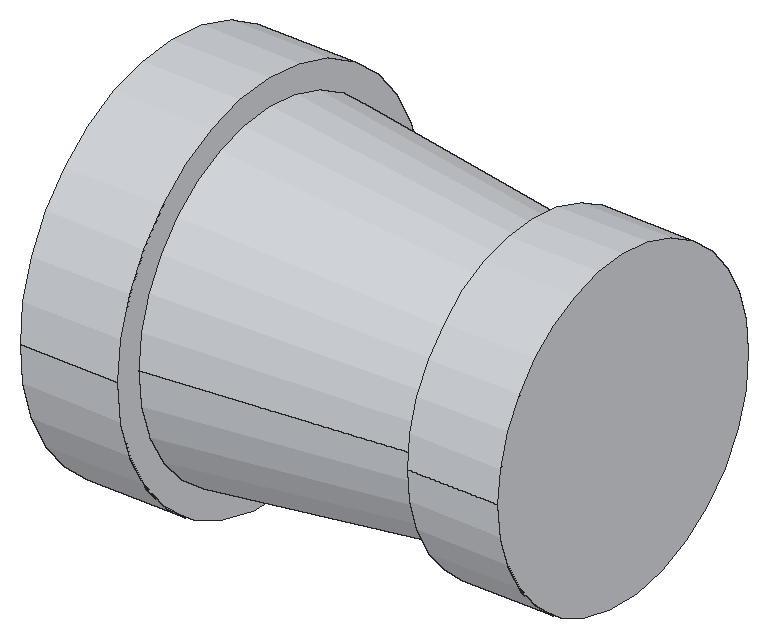
Revit family "a8082294d1e74e68ae7f3b23f0c17cb9", category Pipe Fittings, Revit 2021
Family settings
  Round Connector Dimension = Use Radius
  Part Type = Transition
  OmniClass Number = 23.60.30.11.14
  OmniClass Title = Pipework Fittings
  Seek Item ID = Coupling Concentric Reducing - Threaded - MI - Class 150-0000-USA-ENU
  Work Plane-Based = No
  Always vertical = Yes
  Cut with Voids When Loaded = No
  Shared = No
Parameters (values of type "Standard")
  Visibility 3 [instance] = Nominal Radius 1 = Nominal Radius 2  # no
  Visibility 2 [instance] = Nominal Radius 1 < Nominal Radius 2  # no
  Visibility 1 [instance] = Nominal Radius 1 > Nominal Radius 2  # yes
  Tick Size 2 [instance] = Fitting Outside Diameter 2 * 0.4  # 0.23433"
  Tick Size 1 [instance] = Fitting Outside Diameter 1 * 0.4  # 0.29165"
  Nominal Radius 2 [instance] = 1/16"
  Nominal Diameter 2 [instance] = Nominal Radius 2 * 2  # 1/8"
  Metal Thickness 2 [instance] = size_lookup(Lookup Table Name, "MThk", 0.05 * Nominal Diameter 2 + 21/256", Nominal Diameter 2)  # 0.09016"
  Max Nominal Diameter 12 [instance] = if(Nominal Radius 1 > Nominal Radius 2, Nominal Diameter 1, Nominal Diameter 2)  # 1/4"
  Loss Method = K Coefficient from Table
  Lookup Table Name = "Coupling Concentric Reducing - Threaded - MI - Class 150"
  Length [instance] = size_lookup(Lookup Table Name, "Lgt", 0.94 * Max Nominal Diameter 12 + 197/256", Max Nominal Diameter 12)  # 1"
  Nominal Radius 1 [instance] = 1/8"
  Nominal Diameter 1 [instance] = Nominal Radius 1 * 2  # 1/4"
  Metal Thickness 1 [instance] = size_lookup(Lookup Table Name, "MThk", 0.05 * Nominal Diameter 1 + 21/256", Nominal Diameter 1)  # 0.09488"
  K Coefficient Table = "Contracting/Enlarging Transition"
  Fitting Outside Radius 2 [instance] = Fitting Outside Diameter 2 / 2  # 0.29291"
  Fitting Outside Radius 1 [instance] = Fitting Outside Diameter 1 / 2  # 0.36457"
  Fitting Outside Diameter 2 [instance] = Fitting Inside Diameter 2 + Metal Thickness 2 * 2  # 0.58583"
  Fitting Outside Diameter 1 [instance] = Fitting Inside Diameter 1 + Metal Thickness 1 * 2  # 0.72913"
  Fitting Inside Diameter 2 [instance] = size_lookup(Lookup Table Name, "FID", 1.07 * Nominal Diameter 2 + 7/32", Nominal Diameter 2)  # 0.40551"
  Fitting Inside Diameter 1 [instance] = size_lookup(Lookup Table Name, "FID", 1.07 * Nominal Diameter 1 + 7/32", Nominal Diameter 1)  # 0.53937"
  Default Elevation = 0' - 0"
  Band Width 2 [instance] = size_lookup(Lookup Table Name, "BWid", 0.12 * Nominal Diameter 2 + 23/128", Nominal Diameter 2)  # 0.20079"
  Band Width 1 [instance] = size_lookup(Lookup Table Name, "BWid", 0.12 * Nominal Diameter 1 + 23/128", Nominal Diameter 1)  # 0.21654"
  Band Outside Radius 2 [instance] = Band Outside Diameter 2 / 2  # 0.34646"
  Band Outside Radius 1 [instance] = Band Outside Diameter 1 / 2  # 0.42126"
  Band Outside Diameter 2 [instance] = size_lookup(Lookup Table Name, "BOD", 1.23 * Nominal Diameter 2 + 125/256", Nominal Diameter 2)  # 0.69291"
  Band Outside Diameter 1 [instance] = size_lookup(Lookup Table Name, "BOD", 1.23 * Nominal Diameter 1 + 125/256", Nominal Diameter 1)  # 0.84252"
  Band Insulation Width 2 [instance] = if(Band Width 2 > Length, Length, Band Width 2)  # 0.20079"
  Band Insulation Width 1 [instance] = if(Band Width 1 > Length, Length, Band Width 1)  # 0.21654"
Reference planes (in)
  plane 1 "Center (Front/Back)": y = 0
  plane 2: z = 0
  plane 3 "Center (Left/Right)": x = 0
  plane 4: x = 0.21654
  plane 5: x = 0.79921
  plane 6: x = 1
  plane 7: x = 0.21654
  plane 8: x = 0.79921
Forms (in)
  Extrusion 1, solid, detail levels fine
    sketch origin (0, 0, 0) x (0, 1, 0) y (0, 0, 1)
      loop
        circle (0, 0) r 0.42126
    from 0 to 0.21654
  Extrusion 2, solid, detail levels fine
    sketch origin (0, 0, 0) x (0, 1, 0) y (0, 0, 1)
      loop
        circle (0, 0) r 0.34646
    from 0.79921 to 1
  Blend 3, solid, detail levels fine
    base sketch origin (0, 0, 0) x (0, 1, 0) y (0, 0, 1)
      loop
        circle (0, 0) r 0.36457
    top sketch origin (0, 0, 0) x (0, 1, 0) y (0, 0, 1)
      loop
        circle (0, 0) r 0.29291
    from 0.21654 to 0.79921
Cuts and joins
  joined: Extrusion 1, Extrusion 2, Blend 3
Lines and regions (in)
  model lines, visible <- "Visibility 3", detail levels coarse+medium
    curve 1: line (1, 0, 0) -> (0, 0, 0)
  model lines, detail levels coarse+medium
    curve 2: line (0, 0.29165, 0) -> (0, -0.29165, 0)
    curve 3: line (1, 0.23433, 0) -> (1, -0.23433, 0)
  model lines, visible <- "Visibility 1", detail levels coarse+medium
    curve 4: line (0, 0.29165, 0) -> (1, 0, 0)
    curve 5: line (0, -0.29165, 0) -> (1, 0, 0)
  model lines, visible <- "Visibility 2", detail levels coarse+medium
    curve 6: line (0, 0, 0) -> (1, 0.23433, 0)
    curve 7: line (0, 0, 0) -> (1, -0.23433, 0)
Dimensions and locks (in)
  equal spacing: curve 2, plane 1 "Center (Front/Back)", curve 2
  equal spacing: curve 3, plane 1 "Center (Front/Back)", curve 3
  "Tick Size 1": plane 1 "Center (Front/Back)" to curve 2
  "Tick Size 2": plane 1 "Center (Front/Back)" to curve 3
  "Band Width 2": plane 5 to plane 6
  "Length": plane 3 "Center (Left/Right)" to plane 6
  "Band Width 1": plane 3 "Center (Left/Right)" to plane 4
  "Band Insulation Width 1": plane 3 "Center (Left/Right)" to plane 7
  "Band Insulation Width 2": plane 8 to plane 6
  "Band Outside Radius 1": radius of Extrusion 1 sketch curve
  "Band Outside Radius 2": radius of Extrusion 2 sketch curve
  "Fitting Outside Radius 1": radius of Blend 3 sketch curve
  "Fitting Outside Radius 2": radius of Blend 3 sketch curve
  aligned and locked: plane 2 to Extrusion 1 sketch curve
  aligned and locked: plane 1 "Center (Front/Back)" to Extrusion 1 sketch curve
  aligned and locked: plane 1 "Center (Front/Back)" to Extrusion 2 sketch curve
  aligned and locked: plane 2 to Extrusion 2 sketch curve
  aligned and locked: curve 1 to plane 1 "Center (Front/Back)"
  aligned and locked: plane 1 "Center (Front/Back)" to Blend 3 sketch curve  (x2)
  aligned and locked: plane 2 to Blend 3 sketch curve  (x2)
  aligned and locked: cut or joined group of Extrusion 1, Extrusion 2, Blend 3 to plane 6
  aligned and locked: plane 5 to cut or joined group of Extrusion 1, Extrusion 2, Blend 3
  aligned and locked: cut or joined group of Extrusion 1, Extrusion 2, Blend 3 to plane 5
  aligned and locked: plane 4 to cut or joined group of Extrusion 1, Extrusion 2, Blend 3
  aligned and locked: Extrusion 1 to plane 4
  aligned and locked: Extrusion 1 to plane 3 "Center (Left/Right)"
  aligned and locked: curve 2 to plane 3 "Center (Left/Right)"
  aligned and locked: plane 6 to curve 3
Connectors (in)
  piping at (0, 0, 0), diameter 0.25, driven by "Nominal Radius 1"
    settings: on Extrusion 1, index 1, connector inside diameter 1/4", connector length 0' - 0", flow factor 0, pipe flow 0 GPM, pressure drop 0.00 psi, fitting loss kfactor 0, connector angle 0.00°, fixture units 0, engagement length 0' - 0", angle of deflection 0.00°, flow configuration 0, flow direction 0, fitting loss method 0, system type 28, joint type 0, gender type 0, connector reference index 2, connector utility 0, adjustable connector no, is connector primary yes, connector description ""
  piping at (1, 0, 0), diameter 0.125, driven by "Nominal Radius 2"
    settings: on Extrusion 2, index 2, connector inside diameter 1/8", connector length 0' - 0", flow factor 0, pipe flow 0 GPM, pressure drop 0.00 psi, fitting loss kfactor 0, connector angle 0.00°, fixture units 0, engagement length 0' - 0", angle of deflection 0.00°, flow configuration 0, flow direction 0, fitting loss method 0, system type 28, joint type 0, gender type 0, connector reference index 1, connector utility 0, adjustable connector no, is connector primary no, connector description ""
